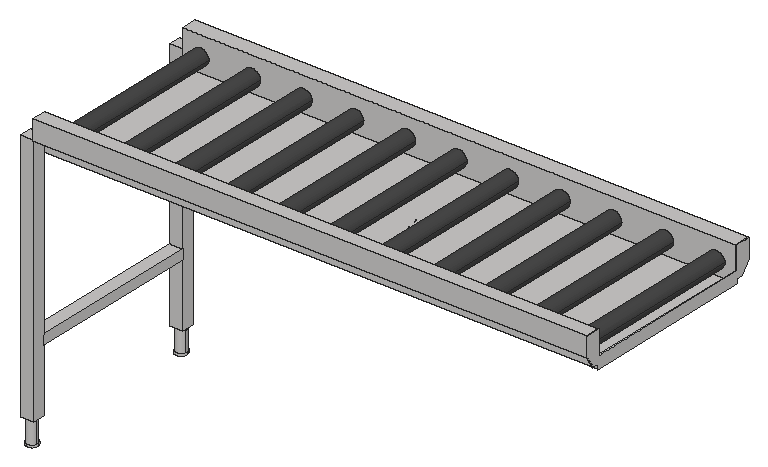
Revit family "QF_ELECTROLUXPROFESSIONAL_863030_HSLRC17", category Specialty Equipment, Revit 2018
Family settings
  Round Connector Dimension = Use Diameter
  Part Type = Normal
  Work Plane-Based = No
  Always vertical = Yes
  Cut with Voids When Loaded = No
  Shared = No
  Room Calculation Point = No
Parameters
  Weight = 0.00 kg
  Watts = 0 W
  Volts = 0 V
  URL Manufacturer = "http://professional.electrolux.com/"
  URL = "http://professional.electrolux.com/"
  Steam Supply Size = 0 mm
  Steam Supply Minimum Pressure = 0.0 Pa
  Steam Supply Maximum Pressure = 0.0 Pa
  Steam Pounds per Hour = 0
  Refrigeration Suction Line Size = 0 mm
  Refrigeration Liquid Line Size = 0 mm
  Refrigerant Compressor Remote = yes
  Manufacturer = "Electrolux"
  Phase = 0
  Model = "HSLRC17"
  Length Actual = 1700 mm  # constant formula
  Item Number = "863030"
  Hot Water Size = 0 mm
  Height Actual = 910 mm  # constant formula
  HP = "0 HP"
  Gas Size = 0 mm
  Gas KW = 0
  Gas Input Pressure = 0 W
  Description = "CONVEYOR, LONG ROLLERS, L=1700 MM"
  Depth Actual = 620 mm  # constant formula
  Cycle = 0 Hz
  Condensate Return Size = 0 mm
  Compressed Air Volume = 0.0 L/s
  Compressed Air Size = 0 mm
  Compressed Air Pressure = 0.0 Pa
  Cold Water Size = 0 mm
  Accessory = yes
Reference planes
  plane 1 "Centro (Fronte/Retro)": y = 74.737
  plane 2: z = 0
  plane 3 "LEFT": x = -1038.761
  plane 4 "BACK": y = 384.737
  plane 5 "FRONT": y = -235.263
  plane 6: z = 910
  plane 7 "RIGHT": x = 661.239
  plane 8: x = -158.761
Forms (mm)
  Extrusion 1, solid, material "QF_Finishes_Stainless Steel"
    sketch origin (0, 74.737, 0) x (1, 0, 0) y (0, 0, 1)
      loop
        line (-1079.929, 300) -> (-1079.929, 270) -> (-1039.929, 270) -> (-1039.929, 300) -> (-1079.929, 300)
    from -266.504 to 266.46
  Extrusion 2, solid, material "QF_Finishes_Stainless Steel"
    sketch origin (11.239, 0, 0) x (0, 1, 0) y (0, 0, 1)
      loop
        line (-235.263, 910) -> (-235.263, 850.033) -> (-190.242, 850.033) -> (-190.242, 910) -> (-235.263, 910)
      loop
        line (384.737, 910) -> (339.716, 910) -> (339.716, 850.033) -> (384.737, 850.033) -> (384.737, 910)
    from -1050 to 648.8
  Extrusion 3, solid, material "QF_Finishes_Stainless Steel"
    sketch origin (11.239, 0, 0) x (0, 1, 0) y (0, 0, 1)
      loop
        line (-191.727, 850.033) -> (-191.727, 800.081) -> (341.245, 800.081) -> (341.245, 850.033) -> (339.716, 850.033) -> (339.716, 803.081) -> (-190.242, 803.081) -> (-190.242, 850.033) -> (-191.727, 850.033)
    from -1050 to 648.8
  Extrusion 4, solid, material "QF_Finishes_Black"
    sketch origin (0, 74.737, 0) x (1, 0, 0) y (0, 0, -1)
      loop
        circle (-980.637, -850.115) r 25
      loop
        circle (-822.262, -850.115) r 25
      loop
        circle (-663.887, -850.115) r 25
      loop
        circle (603.115, -850.115) r 25
      loop
        circle (-30.386, -850.115) r 25
      loop
        circle (127.99, -850.115) r 25
      loop
        circle (286.365, -850.115) r 25
      loop
        circle (444.74, -850.115) r 25
      loop
        circle (-505.511, -850.115) r 25
      loop
        circle (-188.761, -850.115) r 25
      loop
        circle (-347.136, -850.115) r 25
    from -260.534 to 260.534
  Extrusion 5, solid, material "QF_Finishes_Stainless Steel"
    sketch origin (2161.239, 723.253, 4000) x (0, 1, 0) y (0, 0, 1)
      loop
        line (-958.516, -3090) -> (-958.516, -3149.967) -> (-934.752, -3185.632) -> (-915.4, -3185.632) -> (-915.4, -3199.919) -> (-381.633, -3199.919) -> (-381.633, -3185.632) -> (-362.281, -3185.632) -> (-338.516, -3149.967) -> (-338.516, -3090) -> (-383.538, -3090) -> (-383.538, -3161.926) -> (-913.495, -3161.926) -> (-913.495, -3090) -> (-958.516, -3090)
    from -1500 to -1501.2
  Revolve 6, solid, material "QF_Finishes_Stainless Steel"
    sketch origin (-188.748, 0, 0) x (0, 1, 0) y (0, 0, 1)
      loop
        line (74.737, 800.081) -> (12.53, 800.081) -> (12.319, 797.4) -> (12.319, 785.476) -> (17.293, 785.476) -> (17.293, 781.772)
        arc (17.293, 781.772) -> (20.266, 773.808) -> (27.77, 769.813) r 11.998
        line (27.77, 769.813) -> (74.737, 764.085) -> (74.737, 800.081)
      axis (74.737, 764.085) -> (74.737, 800.081)
    angle from 0 to 360
  Revolve 7, solid, material "QF_Finishes_Stainless Steel"
    sketch origin (-158.748, -1524, 744.096) x (0, 0, 1) y (0, -1, 0)
      loop
        line (13.017, -1619.713) -> (30, -1619.713) -> (30, -1598.737) -> (0, -1598.737) -> (0, -1619.713) -> (2.434, -1622.253) -> (10.477, -1622.253) -> (13.017, -1619.713)
      axis (0, -1598.737) -> (30, -1598.737)
    angle from 0 to 360
Cuts and joins
  joined: Extrusion 2, Extrusion 3
Lines and regions (mm)
  Split face 1
    outline origin (858.239, 339.716, 803.081) x (-1, 0, 0) y (0, -1, 0)
      loop
        circle (1047, 264.904) r 3.016
  Split face 2
    outline origin (858.239, 339.716, 803.081) x (-1, 0, 0) y (0, -1, 0)
      loop
        circle (1047, 264.904) r 52.991
  Split face 3
    outline origin (858.239, 339.716, 803.081) x (-1, 0, 0) y (0, -1, 0)
      loop
        circle (1047, 264.904) r 36.015
  Split face 4
    outline origin (858.239, 339.716, 803.081) x (-1, 0, 0) y (0, -1, 0)
      loop
        circle (1047, 264.904) r 26.027
  Split face 5
    outline origin (858.239, 339.716, 803.081) x (-1, 0, 0) y (0, -1, 0)
      loop
        circle (1047, 264.904) r 9.056
  Masking region 1
    outline origin (0, 0, 0) x (1, 0, 0) y (0, 1, 0)
      loop
        line (-1038.761, 384.737) -> (-1038.761, -235.263) -> (661.239, -235.263) -> (661.239, 384.737) -> (-1038.761, 384.737)
  symbolic lines
    curve 1: line (661.239, 384.737, 0) -> (-1038.761, 384.737, 0)
    curve 2: line (-1038.761, 384.737, 0) -> (-1038.761, -235.263, 0)
    curve 3: line (-1038.761, 339.716, 0) -> (661.239, 339.716, 0)
    curve 4: line (-1038.761, -235.263, 0) -> (661.239, -235.263, 0)
    curve 5: line (661.239, -235.263, 0) -> (661.239, 384.737, 0)
    curve 6: line (661.239, -190.242, 0) -> (-1038.761, -190.242, 0)
    curve 7: line (-955.637, 335.271, 0) -> (-1005.637, 335.271, 0)
    curve 8: line (-1005.637, 335.271, 0) -> (-1005.637, -185.797, 0)
    curve 9: line (-1005.637, -185.797, 0) -> (-955.637, -185.797, 0)
    curve 10: line (-955.637, -185.797, 0) -> (-955.637, 335.271, 0)
    curve 11: line (-797.262, 335.271, 0) -> (-847.262, 335.271, 0)
    curve 12: line (-847.262, 335.271, 0) -> (-847.262, -185.797, 0)
    curve 13: line (-847.262, -185.797, 0) -> (-797.262, -185.797, 0)
    curve 14: line (-797.262, -185.797, 0) -> (-797.262, 335.271, 0)
    curve 15: line (-638.887, 335.271, 0) -> (-688.887, 335.271, 0)
    curve 16: line (-688.887, 335.271, 0) -> (-688.887, -185.797, 0)
    curve 17: line (-688.887, -185.797, 0) -> (-638.887, -185.797, 0)
    curve 18: line (-638.887, -185.797, 0) -> (-638.887, 335.271, 0)
    curve 19: line (628.115, 335.271, 0) -> (578.115, 335.271, 0)
    curve 20: line (578.115, 335.271, 0) -> (578.115, -185.797, 0)
    curve 21: line (578.115, -185.797, 0) -> (628.115, -185.797, 0)
    curve 22: line (628.115, -185.797, 0) -> (628.115, 335.271, 0)
    curve 23: line (661.239, 74.737, 0) -> (631.239, 74.737, 0)
    curve 24: line (-1038.761, 74.737, 0) -> (-1008.761, 74.737, 0)
    curve 25: arc (-189.404, 137.156, 0) -> (-126.986, 74.737, 0) -> (-189.404, 12.319, 0) r 62.418
    curve 26: arc (-189.404, 12.319, 0) -> (-251.823, 74.737, 0) -> (-189.404, 137.156, 0) r 62.418
    curve 27: arc (-159.404, 95.713, 0) -> (-180.38, 74.737, 0) -> (-159.404, 53.761, 0) r 20.976
    curve 28: arc (-159.404, 53.761, 0) -> (-138.428, 74.737, 0) -> (-159.404, 95.713, 0) r 20.976
    curve 29: line (-480.511, 335.271, 0) -> (-530.511, 335.271, 0)
    curve 30: line (-530.511, 335.271, 0) -> (-530.511, -185.797, 0)
    curve 31: line (-530.511, -185.797, 0) -> (-480.511, -185.797, 0)
    curve 32: line (-480.511, -185.797, 0) -> (-480.511, 335.271, 0)
    curve 33: line (-322.136, 335.271, 0) -> (-372.136, 335.271, 0)
    curve 34: line (-372.136, 335.271, 0) -> (-372.136, -185.797, 0)
    curve 35: line (-372.136, -185.797, 0) -> (-322.136, -185.797, 0)
    curve 36: line (-322.136, -185.797, 0) -> (-322.136, 335.271, 0)
    curve 37: line (-163.761, 335.271, 0) -> (-213.761, 335.271, 0)
    curve 38: line (-213.761, 335.271, 0) -> (-213.761, -185.797, 0)
    curve 39: line (-213.761, -185.797, 0) -> (-163.761, -185.797, 0)
    curve 40: line (-163.761, -185.797, 0) -> (-163.761, 335.271, 0)
    curve 41: line (-5.386, 335.271, 0) -> (-55.386, 335.271, 0)
    curve 42: line (-55.386, 335.271, 0) -> (-55.386, -185.797, 0)
    curve 43: line (-55.386, -185.797, 0) -> (-5.386, -185.797, 0)
    curve 44: line (-5.386, -185.797, 0) -> (-5.386, 335.271, 0)
    curve 45: line (152.99, 335.271, 0) -> (102.99, 335.271, 0)
    curve 46: line (102.99, 335.271, 0) -> (102.99, -185.797, 0)
    curve 47: line (102.99, -185.797, 0) -> (152.99, -185.797, 0)
    curve 48: line (152.99, -185.797, 0) -> (152.99, 335.271, 0)
    curve 49: line (311.365, 335.271, 0) -> (261.365, 335.271, 0)
    curve 50: line (261.365, 335.271, 0) -> (261.365, -185.797, 0)
    curve 51: line (261.365, -185.797, 0) -> (311.365, -185.797, 0)
    curve 52: line (311.365, -185.797, 0) -> (311.365, 335.271, 0)
    curve 53: line (469.74, 335.271, 0) -> (419.74, 335.271, 0)
    curve 54: line (419.74, 335.271, 0) -> (419.74, -185.797, 0)
    curve 55: line (419.74, -185.797, 0) -> (469.74, -185.797, 0)
    curve 56: line (469.74, -185.797, 0) -> (469.74, 335.271, 0)
Dimensions and locks
  plane 3 "LEFT" to plane 7 "RIGHT" = 1700 mm
  equal spacing: plane 4 "BACK", plane 1 "Centro (Fronte/Retro)", plane 5 "FRONT"
  plane 4 "BACK" to plane 5 "FRONT" = 620 mm
  locked: Extrusion 4 sketch curve to plane 3 "LEFT" at 58.124
  locked: plane 7 "RIGHT" to Extrusion 4 sketch curve at 58.124
  aligned and locked: level to plane 2
Automatic sketch dimensions
  Extrusion 1 sketch curve to plane 3 "LEFT" = 41.168 mm
  Extrusion 1 sketch curve to plane 3 "LEFT" = 1.168 mm
  level to Extrusion 1 sketch curve = 270 mm
  Extrusion 1 sketch curve to Extrusion 1 sketch curve = 30 mm
  Extrusion 2 sketch curve to plane 5 "FRONT" = 0 mm
  Extrusion 2 sketch curve to plane 6 = 0 mm  (x2)
  Extrusion 2 sketch curve to plane 4 "BACK" = 0 mm
  plane 5 "FRONT" to Extrusion 2 sketch curve = 45.021 mm
  Extrusion 2 sketch curve to plane 4 "BACK" = 45.021 mm
  Extrusion 2 sketch curve to Extrusion 2 sketch curve = 59.967 mm  (x2)
  plane 5 "FRONT" to Extrusion 3 sketch curve = 43.536 mm
  Extrusion 3 sketch curve to Extrusion 3 sketch curve = 1.486 mm
  Extrusion 3 sketch curve to plane 4 "BACK" = 45.021 mm
  Extrusion 3 sketch curve to Extrusion 3 sketch curve = 1.529 mm
  Extrusion 3 sketch curve to plane 6 = 109.919 mm
  Extrusion 3 sketch curve to Extrusion 3 sketch curve = 3 mm
  Extrusion 3 sketch curve to Extrusion 3 sketch curve = 46.952 mm  (x2)
  Split face 1 sketch curve to cut or joined group of Extrusion 2, Extrusion 3 = 848.8 mm
  cut or joined group of Extrusion 2, Extrusion 3 to Split face 1 sketch curve = 264.904 mm
  Split face 2 sketch curve to cut or joined group of Extrusion 2, Extrusion 3 = 848.8 mm
  cut or joined group of Extrusion 2, Extrusion 3 to Split face 2 sketch curve = 264.904 mm
  Split face 3 sketch curve to cut or joined group of Extrusion 2, Extrusion 3 = 848.8 mm
  cut or joined group of Extrusion 2, Extrusion 3 to Split face 3 sketch curve = 264.904 mm
  Split face 4 sketch curve to cut or joined group of Extrusion 2, Extrusion 3 = 848.8 mm
  cut or joined group of Extrusion 2, Extrusion 3 to Split face 4 sketch curve = 264.904 mm
  Split face 5 sketch curve to cut or joined group of Extrusion 2, Extrusion 3 = 848.8 mm
  cut or joined group of Extrusion 2, Extrusion 3 to Split face 5 sketch curve = 264.904 mm
  Masking region 1 sketch curve to plane 3 "LEFT" = 0 mm
  Masking region 1 sketch curve to plane 5 "FRONT" = 0 mm
  Masking region 1 sketch curve to plane 7 "RIGHT" = 0 mm
  Masking region 1 sketch curve to plane 4 "BACK" = 0 mm
  Extrusion 5 sketch curve to plane 5 "FRONT" = 0 mm
  Extrusion 5 sketch curve to plane 6 = 0 mm  (x2)
  Extrusion 5 sketch curve to plane 4 "BACK" = 0 mm
  plane 5 "FRONT" to Extrusion 5 sketch curve = 23.764 mm
  Extrusion 5 sketch curve to Extrusion 5 sketch curve = 19.352 mm  (x2)
  plane 5 "FRONT" to Extrusion 5 sketch curve = 45.021 mm
  Extrusion 5 sketch curve to plane 4 "BACK" = 45.021 mm
  Extrusion 5 sketch curve to Extrusion 5 sketch curve = 1.905 mm
  Extrusion 5 sketch curve to Extrusion 5 sketch curve = 59.967 mm  (x2)
  Extrusion 5 sketch curve to Extrusion 5 sketch curve = 11.959 mm
  Extrusion 5 sketch curve to Extrusion 5 sketch curve = 23.706 mm  (x2)
  Extrusion 5 sketch curve to Extrusion 5 sketch curve = 14.287 mm
  Revolve 6 sketch curve to plane 1 "Centro (Fronte/Retro)" = 0 mm  (x2)
  plane 1 "Centro (Fronte/Retro)" to Revolve 6 sketch curve = 45.447 mm
  Revolve 6 sketch curve to Revolve 6 sketch curve = 1.52 mm
  Revolve 6 sketch curve to Revolve 6 sketch curve = 11.998 mm
  Revolve 6 sketch curve to Revolve 6 sketch curve = 4.762 mm
  Revolve 6 sketch curve to Revolve 6 sketch curve = 4.974 mm
  Revolve 6 sketch curve to plane 6 = 145.915 mm
  Revolve 6 sketch curve to Revolve 6 sketch curve = 5.727 mm
  Revolve 6 sketch curve to Revolve 6 sketch curve = 11.901 mm
  Revolve 6 sketch curve to Revolve 6 sketch curve = 3.704 mm
  Revolve 6 sketch curve to Revolve 6 sketch curve = 11.924 mm
  Revolve 6 sketch curve to Revolve 6 sketch curve = 2.681 mm
  Revolve 6 sketch curve to Revolve 6 sketch curve = 3 mm
  Revolve 6 sketch curve to Revolve 6 sketch curve = 14.991 mm
  Revolve 7 sketch curve to plane 1 "Centro (Fronte/Retro)" = 0 mm  (x2)
  Revolve 7 sketch curve to plane 1 "Centro (Fronte/Retro)" = 20.976 mm
  Revolve 7 sketch curve to plane 6 = 165.904 mm
  Revolve 7 sketch curve to plane 1 "Centro (Fronte/Retro)" = 23.516 mm
  Revolve 7 sketch curve to Revolve 7 sketch curve = 2.434 mm
  Revolve 7 sketch curve to Revolve 7 sketch curve = 8.043 mm
  Revolve 7 sketch curve to Revolve 7 sketch curve = 2.54 mm  (x2)
  Revolve 7 sketch curve to Revolve 7 sketch curve = 16.983 mm
  Revolve 7 sketch curve to Revolve 7 sketch curve = 3.127 mm
  Revolve 7 sketch curve to Revolve 7 sketch curve = 7.343 mm
  Extrusion 4 sketch curve to plane 6 = 59.885 mm  (x11)
  Extrusion 4 sketch curve to Extrusion 4 sketch curve = 158.375 mm  (x7)
  Extrusion 4 sketch curve to plane 8 = 30 mm
  plane 8 to Extrusion 4 sketch curve = 128.375 mm
  curve 25 to curve 26 = 0 mm  (x2)
  curve 27 to curve 28 = 0 mm  (x2)
  plane 1 "Centro (Fronte/Retro)" to curve 24 = 0 mm
  curve 24 to plane 3 "LEFT" = 0 mm
  plane 1 "Centro (Fronte/Retro)" to curve 26 = 0 mm
  plane 1 "Centro (Fronte/Retro)" to curve 28 = 0 mm
  plane 1 "Centro (Fronte/Retro)" to curve 23 = 0 mm
  curve 6 to plane 7 "RIGHT" = 0 mm
  curve 4 to plane 5 "FRONT" = 0 mm
  curve 2 to plane 4 "BACK" = 0 mm
  plane 3 "LEFT" to curve 7 = 33.124 mm
  curve 8 to curve 9 = 50 mm
  plane 5 "FRONT" to curve 12 = 49.466 mm
  curve 9 to curve 12 = 108.375 mm
  curve 11 to curve 11 = 50 mm
  plane 5 "FRONT" to curve 16 = 49.466 mm
  curve 13 to curve 16 = 108.375 mm
  curve 15 to curve 15 = 50 mm
  plane 5 "FRONT" to curve 31 = 49.466 mm
  curve 17 to curve 31 = 108.375 mm
  curve 29 to curve 29 = 50 mm
  curve 34 to plane 4 "BACK" = 49.466 mm
  curve 29 to curve 34 = 108.375 mm
  curve 34 to curve 35 = 50 mm
  curve 39 to plane 8 = 55 mm
  curve 26 to plane 8 = 30.643 mm
  curve 37 to plane 8 = 5 mm
  curve 28 to plane 8 = 0.643 mm
  curve 42 to plane 4 "BACK" = 49.466 mm
  plane 8 to curve 42 = 103.375 mm
  curve 42 to curve 43 = 50 mm
  curve 46 to plane 4 "BACK" = 49.466 mm
  curve 41 to curve 46 = 108.375 mm
  curve 46 to curve 48 = 50 mm
  curve 49 to plane 4 "BACK" = 49.466 mm
  curve 45 to curve 49 = 108.375 mm
  curve 50 to curve 52 = 50 mm
  curve 53 to plane 4 "BACK" = 49.466 mm
  curve 49 to curve 53 = 108.375 mm
  curve 54 to curve 55 = 50 mm
  curve 20 to plane 7 "RIGHT" = 83.124 mm
  curve 21 to plane 7 "RIGHT" = 33.124 mm
  plane 5 "FRONT" to curve 55 = 49.466 mm
  plane 5 "FRONT" to curve 51 = 49.466 mm
  plane 5 "FRONT" to curve 48 = 49.466 mm
  plane 5 "FRONT" to curve 8 = 49.466 mm
  plane 5 "FRONT" to curve 44 = 49.466 mm
  plane 5 "FRONT" to curve 40 = 49.466 mm
  plane 5 "FRONT" to curve 36 = 49.466 mm
  plane 5 "FRONT" to curve 20 = 49.466 mm
  curve 30 to plane 4 "BACK" = 49.466 mm
  curve 22 to plane 4 "BACK" = 49.466 mm
  curve 37 to plane 4 "BACK" = 49.466 mm
  curve 18 to plane 4 "BACK" = 49.466 mm
  curve 14 to plane 4 "BACK" = 49.466 mm
  curve 10 to plane 4 "BACK" = 49.466 mm
  plane 3 "LEFT" to curve 24 = 30 mm
  curve 23 to curve 23 = 30 mm
  curve 6 to curve 21 = 4.445 mm
  curve 26 to curve 25 = 62.418 mm
  curve 27 to curve 27 = 20.976 mm
  curve 19 to curve 3 = 4.445 mm
  radius of Split face 1 sketch curve = 3.016 mm
  radius of Split face 2 sketch curve = 52.991 mm
  radius of Split face 3 sketch curve = 36.015 mm
  radius of Split face 4 sketch curve = 26.027 mm
  radius of Split face 5 sketch curve = 9.056 mm
  radius of Extrusion 4 sketch curve = 25 mm  (x11)
Nested families
  nested 1: "Foot_40x40" at (-1059.929, 361.245, 0), type "Foot_40x40"
    with A 850.033 mm
  nested 2: "Foot_40x40" at (-1059.929, -211.771, 0), type "Foot_40x40"
    with A 850.033 mm
  nested 3: "Foot_40x40" at (-1059.929, 361.288, 0), type "Foot_40x40"
    with A 850.033 mm
Connectors
  piping at (-158.748, 74.737, 744.096), diameter 30
    settings: on Revolve 7, index 4, connector inside diameter 609.6 mm, connector length 0 mm, flow factor 0, pipe flow 0.0 L/s, pressure drop 0.0 Pa, fitting loss kfactor 0, connector angle 0.00°, fixture units 0, engagement length 0 mm, angle of deflection 0.00°, flow configuration 1, flow direction 2, fitting loss method 0, system type 16, joint type 0, gender type 0, connector reference index -1, connector utility 0, adjustable connector no, is connector primary yes, connector description "Drain"
Definition of nested family "Foot_40x40"
  Parameters
    A [instance] = 850 mm
  Reference planes
    plane 1 "Centro (Fronte/Retro)": y = 0
    plane 2: z = 0
    plane 3 "Centro (Sinistra/Destra)": x = 0
    plane 4: z = 850
  Forms (mm)
    Extrusion 1, solid
      sketch origin (0, 0, 0) x (1, 0, 0) y (0, 1, 0)
        loop
          circle (0, 0) r 18
      from 0 to 5
    Extrusion 2, solid
      sketch origin (0, 0, 5) x (1, 0, 0) y (0, 1, 0)
        loop
          circle (0, 0) r 15
      from 0 to 70
    Extrusion 3, solid
      sketch origin (0, 0, 75) x (1, 0, 0) y (0, 1, 0)
        loop
          line (-20, 20) -> (-20, -20) -> (20, -20) -> (20, 20) -> (-20, 20)
      from 0 to 775
  Dimensions and locks
    "A": plane 4 to plane 2
    aligned and locked: level to plane 2
    aligned and locked: plane 4 to Extrusion 3
    aligned and locked: Extrusion 1 to level
  Automatic sketch dimensions
    plane 1 "Centro (Fronte/Retro)" to Extrusion 1 sketch curve = 0 mm
    Extrusion 1 sketch curve to plane 3 "Centro (Sinistra/Destra)" = 0 mm
    Extrusion 3 sketch curve to Extrusion 3 sketch curve = 40 mm  (x2)
    radius of Extrusion 1 sketch curve = 18 mm
    radius of Extrusion 2 sketch curve to Extrusion 1 = 3 mm
